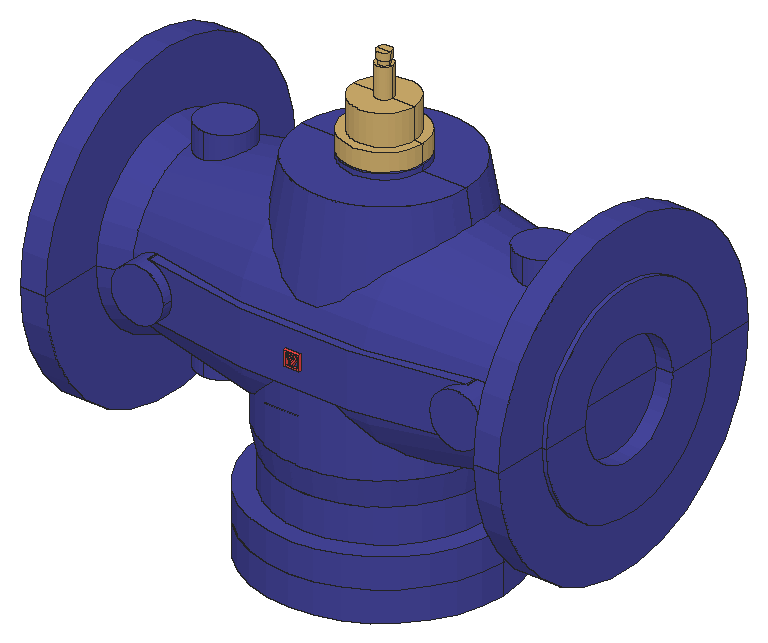
Revit family "Regelventil 4035_PN16", category Rohrzubehör, Revit 2021
Family settings
  Bemaßung runder Anschluss = Durchmesser verwenden
  Teiletyp = Unterbricht
  OmniClass-Nummer = 23.65.55.14
  OmniClass-Titel = Valves for Liquid Services
  Arbeitsebenenbasiert = Nein
  Immer vertikal = Ja
  Beim Laden mit Abzugskörper schneiden = Nein
  Gemeinsam genutzt = Nein
Parameters (values of type "kvs63")
  kvs63 = yes
  kvs6.3 = no
  kvs40 = no
  kvs4 = no
  kvs330 = no
  kvs250 = no
  kvs25 = no
  kvs2.5 = no
  kvs160 = no
  kvs16 = no
  kvs100 = no
  kvs10 = no
  kvs1.6 = no
  kvs1 = no
  Vorgabe-Ansicht = 0 mm
  Ventilsitz = "WN1.4021"  # constant formula
  Ventilkegel = "WN1.4021/Messing"  # constant formula
  Ventilcharakterisitk = "gleichprozentig"  # constant formula
  URL = "www.herz-armaturen.at"
  Spindel = "WN1.4404"  # constant formula
  SCTWSEQ = "FW;SBT_TYP_FW=\"101\";2"
  SCTWCODE = "04;05;02"  # constant formula
  SCRNSEQ = "ARM;ARM_TYP=\"DURR\";2"
  SCRNCODE = "05;06;02"  # constant formula
  R14 = 4 mm  # constant formula
  R13 = 3 mm  # constant formula
  R12 = 5 mm  # constant formula
  R11 [instance] = size_lookup("4035_PN16", "R11", 18 mm, Nennweite)  # 18 mm
  R10 [instance] = size_lookup("4035_PN16", "R10", 23 mm, Nennweite)  # 23 mm
  R09 [instance] = size_lookup("4035_PN16", "R9", 49 mm, Nennweite)  # 49 mm
  R08 [instance] = R00 + 3 mm  # 68 mm
  R07 [instance] = size_lookup("4035_PN16", "R7", 15.5 mm, Nennweite)  # 15.5 mm
  R06 [instance] = size_lookup("4035_PN16", "R6", 15.5 mm, Nennweite)  # 15.5 mm
  R05 [instance] = size_lookup("4035_PN16", "R5", 62.5 mm, Nennweite)  # 62.5 mm
  R04 [instance] = size_lookup("4035_PN16", "R4", 59.5 mm, Nennweite)  # 59.5 mm
  R03 [instance] = size_lookup("4035_PN16", "R3", 43 mm, Nennweite)  # 71 mm
  R02 [instance] = size_lookup("4035_PN16", "R2", 43 mm, Nennweite)  # 43 mm
  R01 [instance] = size_lookup("4035_PN16", "R1", 55.5 mm, Nennweite)  # 55.5 mm
  R00 [instance] = size_lookup("4035_PN16", "R", 65 mm, Nennweite)  # 65 mm
  PN = 16  # constant formula
  Nennweite [instance] = 65 mm
  Min. Betriebstemperatur = 5 °C
  Medium = "Wasserbeschaffenheit gemäß ÖNORM H 5195 und VDI 2035."
  Max. Betriebstemperatur = 150 °C
  Max. Betriebsdruck = 1600000.0 Pa
  LO1 [instance] = size_lookup("4035_PN16", "LO1", 28.5 mm, Nennweite)  # 68 mm
  L07 [instance] = L06 - R06  # 94.5 mm
  L06 [instance] = size_lookup("4035_PN16", "L6", 110 mm, Nennweite)  # 110 mm
  L05 [instance] = D00  # 92.5 mm
  L03 = 10 mm  # constant formula
  L02 [instance] = size_lookup("4035_PN16", "L2", 15 mm, Nennweite)  # 15 mm
  L01 = 3 mm  # constant formula
  L00 [instance] = size_lookup("4035_PN16", "L", 145 mm, Nennweite)  # 145 mm
  Hersteller = "Herz-Armaturen GmbH"  # constant formula
  H18 [instance] = 17.5 mm  # constant formula
  H15 = 4 mm  # constant formula
  H14 [instance] = size_lookup("4035_PN16", "H14", 17 mm, Nennweite)  # 17 mm
  H13 [instance] = size_lookup("4035_PN16", "H13", 18 mm, Nennweite)  # 18 mm
  H12 [instance] = size_lookup("4035_PN16", "H12", 10.5 mm, Nennweite)  # 10.5 mm
  H11 [instance] = size_lookup("4035_PN16", "H11", 52.5 mm, Nennweite)  # 52.5 mm
  H10 [instance] = size_lookup("4035_PN16", "H10", 135.4 mm, Nennweite)  # 135.4 mm
  H09 = 3 mm  # constant formula
  H08 [instance] = size_lookup("4035_PN16", "H8", 79 mm, Nennweite)  # 79 mm
  H07 [instance] = R00  # 65 mm
  H06 [instance] = size_lookup("4035_PN16", "H6", 59 mm, Nennweite)  # 59 mm
  H05 [instance] = size_lookup("4035_PN16", "H5", 20 mm, Nennweite)  # 20 mm
  H04 [instance] = size_lookup("4035_PN16", "H4", 17 mm, Nennweite)  # 17 mm
  H02 [instance] = size_lookup("4035_PN16", "H2", 38 mm, Nennweite)  # 38 mm
  H03 [instance] = size_lookup("4035_PN16", "H3", 112 mm, Nennweite)  # 112 mm
  H01 [instance] = size_lookup("4035_PN16", "H1", 14 mm, Nennweite)  # 18 mm
  Gewicht [instance] = size_lookup("4035_PN16", "Gewicht", 25, Nennweite)  # 25
  Gehäuse = "EN-GJL-250 (EN 1561)"  # constant formula
  Dichtungsmaterial = "70EPDM"  # constant formula
  DN80 [instance] = Nennweite = 80 mm  # no
  DN65 [instance] = Nennweite = 65 mm  # yes
  DN50 [instance] = Nennweite = 50 mm  # no
  DN40 [instance] = Nennweite = 40 mm  # no
  DN32 [instance] = Nennweite = 32 mm  # no
  DN25 [instance] = Nennweite = 25 mm  # no
  DN150 [instance] = Nennweite = 150 mm  # no
  DN15 [instance] = Nennweite = 15 mm  # no
  DN125 [instance] = Nennweite = 125 mm  # no
  DN100 [instance] = Nennweite = 100 mm  # no
  D02 [instance] = Nennweite / 2  # 32.5 mm
  D01 [instance] = size_lookup("4035_PN16", "D1", 61 mm, Nennweite)  # 61 mm
  D00 [instance] = size_lookup("4035_PN16", "D", 92.5 mm, Nennweite)  # 92.5 mm
  Bestellnummer [instance] = if(and(kvs1, Nennweite = 15 mm), 403501, if(and(kvs1.6, Nennweite = 15 mm), 403511, if(and(kvs2.5, Nennweite = 15 mm), 403521, if(and(kvs4, Nennweite = 15 mm), 403531, if(and(kvs6.3, Nennweite = 25 mm), 403503, if(and(kvs10, Nennweite = 25 mm), 403513, if(and(kvs16, Nennweite = 32 mm), 403504, if(and(kvs25, Nennweite = 40 mm), 403505, if(and(kvs40, Nennweite = 50 mm), 403516, if(and(kvs63, Nennweite = 65 mm), 403507, if(and(kvs100, Nennweite = 80 mm), 403508, if(and(kvs160, Nennweite = 100 mm), 403509, if(and(kvs250, Nennweite = 125 mm), 403510, if(and(kvs330, Nennweite = 150 mm), 403541, 0))))))))))))))  # 403507
  Description = ""
  Anwendungsgebiet = "Das Ventil kann in nahezu allen Heizungs-, Lüftungs- und Klimaanlagen sowie für industrielle und technologische\r\nProzesse eingesetzt werden. Das 3-Wege-Flanschventil ist als Mischventil konzipiert. Es kann zum Mischen oder\r\nzur Umschaltung zwischen zwei eintretenden Mediumsströmen verwendet werden. Die Ventilcharakteristik ist\r\ngleichprozentig. Das Regelungsverhältnis (Verhältnis zwischen nominalem und minimalem Durchfluss) beträgt 30:1. Die\r\nAuswahl des Dreiwege-Flanschventils erfolgt entsprechend dem Diagramm über die kvs-Werte."
  Anschlussflansch = "EN 1092-2"  # constant formula
Types (15, lengths in mm): name | kvs63 | kvs6.3 | kvs40 | kvs4 | kvs330 | kvs250 | kvs25 | kvs2.5 | kvs160 | kvs16 | kvs100 | kvs10 | kvs1.6 | kvs1 | R11 | R10 | R09 | R08 | R07 | R06 | R05 | R04 | R03 | R02 | R01 | R00 | Nennweite | LO1 | L07 | L06 | L05 | L02 | L00 | H14 | H13 | H12 | H11 | H10 | H08 | H07 | H06 | H05 | H04 | H02 | H03 | H01 | Gewicht | DN80 | DN65 | DN50 | DN40 | DN32 | DN25 | DN150 | DN15 | DN125 | DN100 | D02 | D01 | D00 | Bestellnummer | Anwendungsgebiet
  (no name) | yes | no | no | no | no | no | no | no | no | no | no | no | no | no | 18 | 23 | 49 | 68 | 15.5 | 15.5 | 62.5 | 59.5 | 71 | 43 | 55.5 | 65 | 65 | 68 | 94.5 | 110 | 92.5 | 15 | 145 | 17 | 18 | 10.5 | 52.5 | 135.4 | 79 | 65 | 59 | 20 | 17 | 38 | 112 | 18 | 25 | no | yes | no | no | no | no | no | no | no | no | 32.5 | 61 | 92.5 | 403507 | "Das Ventil kann in nahezu allen Heizungs-, Lüftungs- und Klimaanlagen sowie für industrielle und technologische\r\nProzesse eingesetzt werden. Das 3-Wege-Flanschventil ist als Mischventil konzipiert. Es kann zum Mischen oder\r\nzur Umschaltung zwischen zwei eintretenden Mediumsströmen verwendet werden. Die Ventilcharakteristik ist\r\ngleichprozentig. Das Regelungsverhältnis (Verhältnis zwischen nominalem und minimalem Durchfluss) beträgt 30:1. Die\r\nAuswahl des Dreiwege-Flanschventils erfolgt entsprechend dem Diagramm über die kvs-Werte."
  kvs1 | no | no | no | no | no | no | no | no | no | no | no | no | no | yes | 10 | 15 | 19.5 | 29.5 | 6 | 6 | 24 | 21 | 32.5 | 14 | 17 | 26.5 | 15 | 27.5 | 34 | 40 | 47.5 | 11 | 65 | 13 | 14 | 6.8 | 40.8 | 80.3 | 36.5 | 26.5 | 24.5 | 5 | 13 | 11 | 49 | 14 | 5 | no | no | no | no | no | no | no | yes | no | no | 7.5 | 22.5 | 47.5 | 403501 | "Das Ventil kann in nahezu allen Heizungs-, Lüftungs- und Klimaanlagen sowie in industriellen und technologischen\r\nProzessen eingesetzt werden. Die Ventilcharakteristik ist gleichprozentig. Das Regelungsverhältnis (Verhältnis\r\nzwischen nominalem und minimalem Durchfluss) beträgt 30:1. Die Auswahl des 2-Wege-Flanschventils erfolgt mittels\r\nentsprechendem Diagramm über die kvs-Werte."
  kvs1.6 | no | no | no | no | no | no | no | no | no | no | no | no | yes | no | 10 | 15 | 19.5 | 29.5 | 6 | 6 | 24 | 21 | 32.5 | 14 | 17 | 26.5 | 15 | 27.5 | 34 | 40 | 47.5 | 11 | 65 | 13 | 14 | 6.8 | 40.8 | 80.3 | 36.5 | 26.5 | 24.5 | 5 | 13 | 11 | 49 | 14 | 5 | no | no | no | no | no | no | no | yes | no | no | 7.5 | 22.5 | 47.5 | 403511 | "Das Ventil kann in nahezu allen Heizungs-, Lüftungs- und Klimaanlagen sowie für industrielle und technologische\r\nProzesse eingesetzt werden. Das 3-Wege-Flanschventil ist als Mischventil konzipiert. Es kann zum Mischen oder\r\nzur Umschaltung zwischen zwei eintretenden Mediumsströmen verwendet werden. Die Ventilcharakteristik ist\r\ngleichprozentig. Das Regelungsverhältnis (Verhältnis zwischen nominalem und minimalem Durchfluss) beträgt 30:1. Die\r\nAuswahl des Dreiwege-Flanschventils erfolgt entsprechend dem Diagramm über die kvs-Werte."
  kvs2.5 | no | no | no | no | no | no | no | yes | no | no | no | no | no | no | 10 | 15 | 19.5 | 29.5 | 6 | 6 | 24 | 21 | 32.5 | 14 | 17 | 26.5 | 15 | 27.5 | 34 | 40 | 47.5 | 11 | 65 | 13 | 14 | 6.8 | 40.8 | 80.3 | 36.5 | 26.5 | 24.5 | 5 | 13 | 11 | 49 | 14 | 5 | no | no | no | no | no | no | no | yes | no | no | 7.5 | 22.5 | 47.5 | 403521 | "Das Ventil kann in nahezu allen Heizungs-, Lüftungs- und Klimaanlagen sowie für industrielle und technologische\r\nProzesse eingesetzt werden. Das 3-Wege-Flanschventil ist als Mischventil konzipiert. Es kann zum Mischen oder\r\nzur Umschaltung zwischen zwei eintretenden Mediumsströmen verwendet werden. Die Ventilcharakteristik ist\r\ngleichprozentig. Das Regelungsverhältnis (Verhältnis zwischen nominalem und minimalem Durchfluss) beträgt 30:1. Die\r\nAuswahl des Dreiwege-Flanschventils erfolgt entsprechend dem Diagramm über die kvs-Werte."
  kvs4 | no | no | no | yes | no | no | no | no | no | no | no | no | no | no | 10 | 15 | 19.5 | 29.5 | 6 | 6 | 24 | 21 | 32.5 | 14 | 17 | 26.5 | 15 | 27.5 | 34 | 40 | 47.5 | 11 | 65 | 13 | 14 | 6.8 | 40.8 | 80.3 | 36.5 | 26.5 | 24.5 | 5 | 13 | 11 | 49 | 14 | 5 | no | no | no | no | no | no | no | yes | no | no | 7.5 | 22.5 | 47.5 | 403531 | "Das Ventil kann in nahezu allen Heizungs-, Lüftungs- und Klimaanlagen sowie für industrielle und technologische\r\nProzesse eingesetzt werden. Das 3-Wege-Flanschventil ist als Mischventil konzipiert. Es kann zum Mischen oder\r\nzur Umschaltung zwischen zwei eintretenden Mediumsströmen verwendet werden. Die Ventilcharakteristik ist\r\ngleichprozentig. Das Regelungsverhältnis (Verhältnis zwischen nominalem und minimalem Durchfluss) beträgt 30:1. Die\r\nAuswahl des Dreiwege-Flanschventils erfolgt entsprechend dem Diagramm über die kvs-Werte."
  kvs6.3 | no | yes | no | no | no | no | no | no | no | no | no | no | no | no | 10 | 15 | 19.5 | 41 | 7 | 7 | 35.5 | 32.5 | 44 | 19.5 | 28.5 | 38 | 25 | 40 | 45 | 52 | 57.5 | 13 | 80 | 13 | 14 | 6.8 | 40.8 | 88.3 | 44.5 | 38 | 35 | 5 | 15 | 3 | 64 | 16 | 8 | no | no | no | no | no | yes | no | no | no | no | 12.5 | 34 | 57.5 | 403503 | "Das Ventil kann in nahezu allen Heizungs-, Lüftungs- und Klimaanlagen sowie für industrielle und technologische\r\nProzesse eingesetzt werden. Das 3-Wege-Flanschventil ist als Mischventil konzipiert. Es kann zum Mischen oder\r\nzur Umschaltung zwischen zwei eintretenden Mediumsströmen verwendet werden. Die Ventilcharakteristik ist\r\ngleichprozentig. Das Regelungsverhältnis (Verhältnis zwischen nominalem und minimalem Durchfluss) beträgt 30:1. Die\r\nAuswahl des Dreiwege-Flanschventils erfolgt entsprechend dem Diagramm über die kvs-Werte."
  kvs10 | no | no | no | no | no | no | no | no | no | no | no | yes | no | no | 10 | 15 | 19.5 | 41 | 7 | 7 | 35.5 | 32.5 | 44 | 19.5 | 28.5 | 38 | 25 | 40 | 45 | 52 | 57.5 | 13 | 80 | 13 | 14 | 6.8 | 40.8 | 88.3 | 44.5 | 38 | 35 | 5 | 15 | 3 | 64 | 16 | 8 | no | no | no | no | no | yes | no | no | no | no | 12.5 | 34 | 57.5 | 403513 | "Das Ventil kann in nahezu allen Heizungs-, Lüftungs- und Klimaanlagen sowie für industrielle und technologische\r\nProzesse eingesetzt werden. Das 3-Wege-Flanschventil ist als Mischventil konzipiert. Es kann zum Mischen oder\r\nzur Umschaltung zwischen zwei eintretenden Mediumsströmen verwendet werden. Die Ventilcharakteristik ist\r\ngleichprozentig. Das Regelungsverhältnis (Verhältnis zwischen nominalem und minimalem Durchfluss) beträgt 30:1. Die\r\nAuswahl des Dreiwege-Flanschventils erfolgt entsprechend dem Diagramm über die kvs-Werte."
  kvs16 | no | no | no | no | no | no | no | no | no | yes | no | no | no | no | 10 | 15 | 20.5 | 46 | 9 | 9 | 40.5 | 37.5 | 49 | 24.5 | 33.5 | 43 | 32 | 45 | 51 | 60 | 70 | 13 | 90 | 17 | 18 | 10.5 | 52.5 | 102 | 46.5 | 43 | 39 | 15 | 15 | 4 | 84 | 16 | 11.5 | no | no | no | no | yes | no | no | no | no | no | 16 | 39 | 70 | 403504 | "Das Ventil kann in nahezu allen Heizungs-, Lüftungs- und Klimaanlagen sowie für industrielle und technologische\r\nProzesse eingesetzt werden. Das 3-Wege-Flanschventil ist als Mischventil konzipiert. Es kann zum Mischen oder\r\nzur Umschaltung zwischen zwei eintretenden Mediumsströmen verwendet werden. Die Ventilcharakteristik ist\r\ngleichprozentig. Das Regelungsverhältnis (Verhältnis zwischen nominalem und minimalem Durchfluss) beträgt 30:1. Die\r\nAuswahl des Dreiwege-Flanschventils erfolgt entsprechend dem Diagramm über die kvs-Werte."
  kvs25 | no | no | no | no | no | no | yes | no | no | no | no | no | no | no | 10 | 15 | 20.5 | 51 | 12 | 12 | 45.5 | 42.5 | 54 | 29 | 38.5 | 48 | 40 | 50 | 56 | 68 | 75 | 13 | 100 | 17 | 18 | 10.5 | 52.5 | 112 | 56.5 | 48 | 43 | 20 | 15 | 1 | 94 | 16 | 13 | no | no | no | yes | no | no | no | no | no | no | 20 | 44 | 75 | 403505 | "Das Ventil kann in nahezu allen Heizungs-, Lüftungs- und Klimaanlagen sowie für industrielle und technologische\r\nProzesse eingesetzt werden. Das 3-Wege-Flanschventil ist als Mischventil konzipiert. Es kann zum Mischen oder\r\nzur Umschaltung zwischen zwei eintretenden Mediumsströmen verwendet werden. Die Ventilcharakteristik ist\r\ngleichprozentig. Das Regelungsverhältnis (Verhältnis zwischen nominalem und minimalem Durchfluss) beträgt 30:1. Die\r\nAuswahl des Dreiwege-Flanschventils erfolgt entsprechend dem Diagramm über die kvs-Werte."
  kvs63 | yes | no | no | no | no | no | no | no | no | no | no | no | no | no | 18 | 23 | 49 | 68 | 15.5 | 15.5 | 62.5 | 59.5 | 71 | 43 | 55.5 | 65 | 65 | 68 | 94.5 | 110 | 92.5 | 15 | 145 | 17 | 18 | 10.5 | 52.5 | 135.4 | 79 | 65 | 59 | 20 | 17 | 38 | 112 | 18 | 25 | no | yes | no | no | no | no | no | no | no | no | 32.5 | 61 | 92.5 | 403507 | "Das Ventil kann in nahezu allen Heizungs-, Lüftungs- und Klimaanlagen sowie für industrielle und technologische\r\nProzesse eingesetzt werden. Das 3-Wege-Flanschventil ist als Mischventil konzipiert. Es kann zum Mischen oder\r\nzur Umschaltung zwischen zwei eintretenden Mediumsströmen verwendet werden. Die Ventilcharakteristik ist\r\ngleichprozentig. Das Regelungsverhältnis (Verhältnis zwischen nominalem und minimalem Durchfluss) beträgt 30:1. Die\r\nAuswahl des Dreiwege-Flanschventils erfolgt entsprechend dem Diagramm über die kvs-Werte."
  kvs100 | no | no | no | no | no | no | no | no | no | no | yes | no | no | no | 18 | 23 | 49 | 76 | 15.5 | 15.5 | 70.5 | 67.5 | 79 | 51 | 63.5 | 73 | 80 | 77 | 99.5 | 115 | 100 | 17 | 155 | 17 | 18 | 10.5 | 52.5 | 168.5 | 113 | 73 | 65 | 20 | 19 | 46 | 125 | 20 | 31 | yes | no | no | no | no | no | no | no | no | no | 40 | 69 | 100 | 403508 | "Das Ventil kann in nahezu allen Heizungs-, Lüftungs- und Klimaanlagen sowie für industrielle und technologische\r\nProzesse eingesetzt werden. Das 3-Wege-Flanschventil ist als Mischventil konzipiert. Es kann zum Mischen oder\r\nzur Umschaltung zwischen zwei eintretenden Mediumsströmen verwendet werden. Die Ventilcharakteristik ist\r\ngleichprozentig. Das Regelungsverhältnis (Verhältnis zwischen nominalem und minimalem Durchfluss) beträgt 30:1. Die\r\nAuswahl des Dreiwege-Flanschventils erfolgt entsprechend dem Diagramm über die kvs-Werte."
  kvs160 | no | no | no | no | no | no | no | no | yes | no | no | no | no | no | 30 | 35 | 61 | 86 | 20.5 | 20.5 | 80.5 | 77.5 | 89 | 61 | 73.5 | 83 | 100 | 88 | 112.5 | 133 | 110 | 17 | 175 | 21 | 22 | 14.2 | 64.2 | 189.7 | 122.5 | 83 | 73 | 25 | 19 | 65 | 135 | 20 | 46 | no | no | no | no | no | no | no | no | no | yes | 50 | 79 | 110 | 403509 | "Das Ventil kann in nahezu allen Heizungs-, Lüftungs- und Klimaanlagen sowie für industrielle und technologische\r\nProzesse eingesetzt werden. Das 3-Wege-Flanschventil ist als Mischventil konzipiert. Es kann zum Mischen oder\r\nzur Umschaltung zwischen zwei eintretenden Mediumsströmen verwendet werden. Die Ventilcharakteristik ist\r\ngleichprozentig. Das Regelungsverhältnis (Verhältnis zwischen nominalem und minimalem Durchfluss) beträgt 30:1. Die\r\nAuswahl des Dreiwege-Flanschventils erfolgt entsprechend dem Diagramm über die kvs-Werte."
  kvs250 | no | no | no | no | no | yes | no | no | no | no | no | no | no | no | 30 | 35 | 61 | 101 | 20.5 | 20.5 | 95.5 | 92.5 | 104 | 76 | 88.5 | 98 | 125 | 103 | 134.5 | 155 | 125 | 19 | 200 | 21 | 22 | 14.2 | 64.2 | 231 | 163.5 | 98 | 80 | 30 | 21 | 44 | 158 | 21 | 72 | no | no | no | no | no | no | no | no | yes | no | 62.5 | 94 | 125 | 403510 | "Das Ventil kann in nahezu allen Heizungs-, Lüftungs- und Klimaanlagen sowie für industrielle und technologische\r\nProzesse eingesetzt werden. Das 3-Wege-Flanschventil ist als Mischventil konzipiert. Es kann zum Mischen oder\r\nzur Umschaltung zwischen zwei eintretenden Mediumsströmen verwendet werden. Die Ventilcharakteristik ist\r\ngleichprozentig. Das Regelungsverhältnis (Verhältnis zwischen nominalem und minimalem Durchfluss) beträgt 30:1. Die\r\nAuswahl des Dreiwege-Flanschventils erfolgt entsprechend dem Diagramm über die kvs-Werte."
  kvs330 | no | no | no | no | yes | no | no | no | no | no | no | no | no | no | 30 | 35 | 61 | 113 | 20.5 | 20.5 | 107.5 | 104.5 | 116 | 88 | 100.5 | 110 | 150 | 115 | 174.5 | 195 | 142.5 | 19 | 240 | 21 | 22 | 14.2 | 64.2 | 237.5 | 170 | 110 | 85 | 25 | 21 | 42 | 153 | 21 | 91 | no | no | no | no | no | no | yes | no | no | no | 75 | 106 | 142.5 | 403541 | "Das Ventil kann in nahezu allen Heizungs-, Lüftungs- und Klimaanlagen sowie für industrielle und technologische\r\nProzesse eingesetzt werden. Das 3-Wege-Flanschventil ist als Mischventil konzipiert. Es kann zum Mischen oder\r\nzur Umschaltung zwischen zwei eintretenden Mediumsströmen verwendet werden. Die Ventilcharakteristik ist\r\ngleichprozentig. Das Regelungsverhältnis (Verhältnis zwischen nominalem und minimalem Durchfluss) beträgt 30:1. Die\r\nAuswahl des Dreiwege-Flanschventils erfolgt entsprechend dem Diagramm über die kvs-Werte."
  Kvs40 | no | no | yes | no | no | no | no | no | no | no | no | no | no | no | 18 | 23 | 49 | 56 | 13.5 | 13.5 | 52.5 | 49.5 | 61 | 34 | 45.5 | 53 | 50 | 56 | 66.5 | 80 | 82.5 | 15 | 115 | 17 | 18 | 10.5 | 52.5 | 122 | 66.5 | 53 | 43 | 1 | 15 | 42 | 67 | 18 | 16 | no | no | yes | no | no | no | no | no | no | no | 25 | 51 | 82.5 | 403516 | "Das Ventil kann in nahezu allen Heizungs-, Lüftungs- und Klimaanlagen sowie in industriellen und technologischen\r\nProzessen eingesetzt werden. Die Ventilcharakteristik ist gleichprozentig. Das Regelungsverhältnis (Verhältnis\r\nzwischen nominalem und minimalem Durchfluss) beträgt 30:1. Die Auswahl des 2-Wege-Flanschventils erfolgt mittels\r\nentsprechendem Diagramm über die kvs-Werte."
Reference planes
  plane 1 "Mitte (Vorne/hinten)": y = 0
  plane 2: z = 0
  plane 3 "Mitte (Links/rechts)": x = 0
Forms (mm)
  Revolve 1, solid, material "kunststoff-BLAU", detail levels fine
    sketch origin (1065, 0, 0) x (1, 0, 0) y (0, 1, 0)
      loop
        line (-1207, 61) -> (-1210, 61) -> (-1210, 32.5) -> (-1200, 32.5) -> (-1200, 0) -> (-930, 0) -> (-930, 32.5) -> (-920, 32.5) -> (-920, 61) -> (-923, 61) -> (-923, 92.5) -> (-938, 92.5) -> (-938, 55.5) -> (-955, 49.943)
        arc (-955, 49.943) -> (-1065, 65) -> (-1175, 49.943) r 409.331
        line (-1175, 49.943) -> (-1192, 55.5) -> (-1192, 92.5) -> (-1207, 92.5) -> (-1207, 61)
      axis (-920, 0) -> (-1210, 0)
    angle from 0 to 360
  Extrusion 2, solid, material "kunststoff-BLAU", detail levels fine
    sketch origin (0, 0, 0) x (-1, 0, 0) y (0, 0, -1)
      loop
        circle (94.5, 0) r 15.5
      loop
        circle (-94.5, 0) r 15.5
    from -65 to 65
  Extrusion 3, solid, material "kunststoff-BLAU", visible <- "DN65", detail levels fine
    sketch origin (0, 0, 0) x (1, 0, 0) y (0, 1, 0)
      loop
        arc (-95, -56.907) -> (0, -68) -> (95, -56.907) r 412.331
        line (95, -56.907) -> (95, 56.907)
        arc (95, 56.907) -> (0, 68) -> (-95, 56.907) r 412.331
        line (-95, 56.907) -> (-95, -56.907)
    from -15.5 to 15.5
  Revolve 4, solid, material "kunststoff-BLAU", detail levels fine
    sketch origin (0, 0, 0) x (1, 0, 0) y (0, 0, 1)
      loop
        line (-49, 79) -> (-62.5, 0) -> (0, 0) -> (0, 82) -> (-23, 82) -> (-23, 79) -> (-49, 79)
      axis (0, 82) -> (0, 0)
    angle from 0 to 360
  Revolve 5, solid, material "kunststoff-BLAU", detail levels fine
    sketch origin (0, 0, 0) x (1, 0, 0) y (0, 0, 1)
      loop
        line (0, 0) -> (-62.5, 0) -> (-62.5, -59) -> (-59.5, -74.5) -> (-59.5, -94.5) -> (-71, -94.5) -> (-71, -112) -> (0, -112) -> (0, 0)
      axis (0, 0) -> (0, -112)
    angle from 0 to 360
  Revolve 6, solid, material "kunststoff-BLAU", detail levels fine
    sketch origin (0, 0, 0) x (1, 0, 0) y (0, 0, 1)
      loop
        line (0, -112) -> (-71, -112) -> (-71, -130) -> (0, -130) -> (0, -112)
      axis (0, -112) -> (0, -130)
    angle from 0 to 360
  Extrusion 7, solid, material "kunststoff-BLAU", detail levels fine
    sketch origin (0, 0, 0) x (0, -1, 0) y (1, 0, 0)
      loop
        circle (0, -94.5) r 15.5
      loop
        circle (0, 94.5) r 15.5
    from -65 to 65
  Extrusion 8, solid, material "kunststoff-BLAU", visible <- "DN150", detail levels fine
    sketch origin (0, 0, 0) x (1, 0, 0) y (0, 1, 0)
      loop
        arc (-179.5, -78.475) -> (0, -115) -> (179.5, -78.475) r 459.331
        line (179.5, -78.475) -> (179.5, 78.475)
        arc (179.5, 78.475) -> (0, 115) -> (-179.5, 78.475) r 459.331
        line (-179.5, 78.475) -> (-179.5, -78.475)
    from -20.5 to 20.5
  Extrusion 9, solid, material "kunststoff-BLAU", visible <- "DN125", detail levels fine
    sketch origin (0, 0, 0) x (1, 0, 0) y (0, 1, 0)
      loop
        arc (-134.5, -82.301) -> (0, -103) -> (134.5, -82.301) r 447.331
        line (134.5, -82.301) -> (134.5, 82.301)
        arc (134.5, 82.301) -> (0, 103) -> (-134.5, 82.301) r 447.331
        line (-134.5, 82.301) -> (-134.5, -82.301)
    from -20.5 to 20.5
  Extrusion 10, solid, material "kunststoff-BLAU", visible <- "DN100", detail levels fine
    sketch origin (0, 0, 0) x (1, 0, 0) y (0, 1, 0)
      loop
        arc (-112.5, -73.106) -> (0, -88) -> (112.5, -73.106) r 432.331
        line (112.5, -73.106) -> (112.5, 73.106)
        arc (112.5, 73.106) -> (0, 88) -> (-112.5, 73.106) r 432.331
        line (-112.5, 73.106) -> (-112.5, -73.106)
    from -20.5 to 20.5
  Extrusion 11, solid, material "kunststoff-BLAU", visible <- "DN80", detail levels fine
    sketch origin (0, 0, 0) x (1, 0, 0) y (0, 1, 0)
      loop
        line (99.5, -65.083) -> (99.5, 65.083)
        arc (99.5, 65.083) -> (0, 77) -> (-99.5, 65.083) r 421.331
        line (-99.5, 65.083) -> (-99.5, -65.083)
        arc (-99.5, -65.083) -> (0, -77) -> (99.5, -65.083) r 421.331
    from -15.5 to 15.5
  Extrusion 12, solid, material "kunststoff-BLAU", visible <- "DN50", detail levels fine
    sketch origin (0, 0, 0) x (1, 0, 0) y (0, 1, 0)
      loop
        arc (-66.5, -50.44) -> (0, -56.006) -> (66.5, -50.44) r 400.05
        line (66.5, -50.44) -> (66.5, 50.44)
        arc (66.5, 50.44) -> (0, 56.006) -> (-66.5, 50.44) r 400.05
        line (-66.5, 50.44) -> (-66.5, -50.44)
    from -13.5 to 13.5
  Extrusion 13, solid, material "kunststoff-BLAU", visible <- "DN40", detail levels fine
    sketch origin (0, 0, 0) x (1, 0, 0) y (0, 1, 0)
      loop
        arc (-56, -46.003) -> (0, -50) -> (56, -46.003) r 394.331
        line (56, -46.003) -> (56, 46.003)
        arc (56, 46.003) -> (0, 50) -> (-56, 46.003) r 394.331
        line (-56, 46.003) -> (-56, -46.003)
    from -12 to 12
  Extrusion 14, solid, material "kunststoff-BLAU", visible <- "DN32", detail levels fine
    sketch origin (0, 0, 0) x (1, 0, 0) y (0, 1, 0)
      loop
        arc (-51, -41.645) -> (0, -45) -> (51, -41.645) r 389.331
        line (51, -41.645) -> (51, 41.645)
        arc (51, 41.645) -> (0, 45) -> (-51, 41.645) r 389.331
        line (-51, 41.645) -> (-51, -41.645)
    from -9 to 9
  Extrusion 15, solid, material "kunststoff-BLAU", visible <- "DN25", detail levels fine
    sketch origin (0, 0, 0) x (1, 0, 0) y (0, 1, 0)
      loop
        line (45, -37.356) -> (45, 37.356)
        arc (45, 37.356) -> (0, 40) -> (-45, 37.356) r 384.331
        line (-45, 37.356) -> (-45, -37.356)
        arc (-45, -37.356) -> (0, -40) -> (45, -37.356) r 384.331
    from -7 to 7
  Extrusion 16, solid, material "kunststoff-BLAU", visible <- "DN15", detail levels fine
    sketch origin (0, 0, 0) x (1, 0, 0) y (0, 1, 0)
      loop
        line (-34, 25.942) -> (-34, -25.942)
        arc (-34, -25.942) -> (0, -27.5) -> (34, -25.942) r 371.831
        line (34, -25.942) -> (34, 25.942)
        arc (34, 25.942) -> (0, 27.5) -> (-34, 25.942) r 371.831
    from -6 to 6
  Revolve 17, solid, material "Messing-poliert", detail levels fine
    sketch origin (0, 0, 0) x (1, 0, 0) y (0, 0, 1)
      loop
        line (-23, 93.4) -> (-23, 82.9) -> (0, 82.9) -> (0, 135.4) -> (-4, 135.4) -> (-4, 131.4) -> (-3, 131.4) -> (-3, 128.4) -> (-5, 128.4) -> (-5, 111.4) -> (-18, 111.4) -> (-18, 93.4) -> (-23, 93.4)
      axis (0, 135.4) -> (0, 82.9)
    angle from 0 to 360
Lines and regions (mm)
  model lines, detail levels coarse+medium
    curve 1: line (145, 0, 92.5) -> (145, 0, -92.5)
    curve 2: line (145, 0, -92.5) -> (-145, 0, 92.5)
    curve 3: line (-145, 0, 92.5) -> (-145, 0, -92.5)
    curve 4: line (-145, 0, -92.5) -> (145, 0, 92.5)
    curve 5: line (145, 92.5, 0) -> (145, -92.5, 0)
    curve 6: line (145, -92.5, 0) -> (-145, 92.5, 0)
    curve 7: line (-145, 92.5, 0) -> (-145, -92.5, 0)
    curve 8: line (-145, -92.5, 0) -> (145, 92.5, 0)
Dimensions and locks
  "L00": Revolve 1 sketch curve to plane 3 "Mitte (Links/rechts)" to Revolve 1 sketch curve
  "D00": plane 1 "Mitte (Vorne/hinten)" to Revolve 1 sketch curve  (x2)
  "D02": plane 1 "Mitte (Vorne/hinten)" to Revolve 1 sketch curve  (x2)
  "L01": Revolve 1 sketch curve to Revolve 1 sketch curve  (x2)
  "L02": Revolve 1 sketch curve to Revolve 1 sketch curve  (x2)
  "D01": plane 1 "Mitte (Vorne/hinten)" to Revolve 1 sketch curve  (x2)
  "R01": plane 1 "Mitte (Vorne/hinten)" to Revolve 1 sketch curve  (x2)
  "R00": Revolve 1 sketch curve to Revolve 1 sketch curve
  "L03": Revolve 1 sketch curve to Revolve 1 sketch curve  (x2)
  "H01": Revolve 6 sketch curve to Revolve 6 sketch curve
  "R03": plane 3 "Mitte (Links/rechts)" to Revolve 6 sketch curve
  "R03": Revolve 5 sketch curve to Revolve 5 sketch curve
  "H03": plane 2 to Revolve 5 sketch curve
  "H06": Revolve 5 sketch curve to Revolve 5 sketch curve
  "R04": Revolve 5 sketch curve to Revolve 5 sketch curve
  "R05": Revolve 5 sketch curve to Revolve 5 sketch curve
  "H05": Revolve 5 sketch curve to Revolve 5 sketch curve
  "L06": Revolve 1 sketch curve to plane 3 "Mitte (Links/rechts)" to Revolve 1 sketch curve
  "H03": plane 2 to Revolve 6 sketch curve
  "R09": Revolve 4 sketch curve to Revolve 4 sketch curve
  "R05": Revolve 4 sketch curve to Revolve 4 sketch curve
  "H07": Extrusion 7 to plane 2 to Extrusion 7  (x2)
  "L07": plane 3 "Mitte (Links/rechts)" to Extrusion 7 sketch curve
  "L07": Extrusion 7 sketch curve to plane 3 "Mitte (Links/rechts)"
  "H07": Extrusion 2 to plane 1 "Mitte (Vorne/hinten)"  (x3)
  "L07": plane 3 "Mitte (Links/rechts)" to Extrusion 2 sketch curve
  "L07": Extrusion 2 sketch curve to plane 3 "Mitte (Links/rechts)"
  "H07": plane 1 "Mitte (Vorne/hinten)" to Extrusion 2
  "H08": Revolve 4 sketch curve to plane 2
  "H09": Revolve 4 sketch curve to Revolve 4 sketch curve
  "R10": plane 3 "Mitte (Links/rechts)" to Revolve 4 sketch curve
  "H11": Revolve 17 sketch curve to Revolve 17 sketch curve
  "H10": Revolve 17 sketch curve to plane 2
  "R10": plane 3 "Mitte (Links/rechts)" to Revolve 17 sketch curve
  "H12": Revolve 17 sketch curve to Revolve 17 sketch curve
  "H13": Revolve 17 sketch curve to Revolve 17 sketch curve
  "H14": Revolve 17 sketch curve to Revolve 17 sketch curve
  "H15": Revolve 17 sketch curve to Revolve 17 sketch curve
  "R14": plane 3 "Mitte (Links/rechts)" to Revolve 17 sketch curve
  "R13": plane 3 "Mitte (Links/rechts)" to Revolve 17 sketch curve
  "R11": plane 3 "Mitte (Links/rechts)" to Revolve 17 sketch curve
  "R12": plane 3 "Mitte (Links/rechts)" to Revolve 17 sketch curve
  "LO1": nested 1 to plane 1 "Mitte (Vorne/hinten)"
  "H18": Revolve 5 sketch curve to Revolve 6
  "D00": curve 3 to plane 2 to curve 4
  "D00": curve 4 to plane 2 to curve 2
  "L00": curve 3 to plane 3 "Mitte (Links/rechts)" to curve 1
  "D00": curve 8 to plane 1 "Mitte (Vorne/hinten)" to curve 7
  "D00": curve 5 to plane 1 "Mitte (Vorne/hinten)" to curve 8
  "L00": curve 7 to plane 3 "Mitte (Links/rechts)" to curve 5
  "R06": radius of Extrusion 7 sketch curve  (x2)
  "R07": radius of Extrusion 2 sketch curve  (x2)
  aligned and locked: level to plane 2
Automatic sketch dimensions
  Extrusion 3 sketch curve to plane 1 "Mitte (Vorne/hinten)" = 56.907 mm  (x2)
  Extrusion 3 sketch curve to plane 3 "Mitte (Links/rechts)" = 0 mm  (x2)
  Extrusion 3 sketch curve to Extrusion 3 sketch curve = 113.814 mm
  Extrusion 3 sketch curve to Extrusion 3 sketch curve = 287.425 mm
  Extrusion 3 sketch curve to plane 1 "Mitte (Vorne/hinten)" = 344.331 mm
  plane 3 "Mitte (Links/rechts)" to Extrusion 3 sketch curve = 95 mm
  Extrusion 8 sketch curve to plane 3 "Mitte (Links/rechts)" = 0 mm  (x2)
  Extrusion 8 sketch curve to plane 1 "Mitte (Vorne/hinten)" = 78.475 mm  (x2)
  plane 1 "Mitte (Vorne/hinten)" to Extrusion 8 sketch curve = 78.475 mm
  Extrusion 8 sketch curve to plane 3 "Mitte (Links/rechts)" = 179.5 mm
  Extrusion 8 sketch curve to Extrusion 8 sketch curve = 265.857 mm
  Extrusion 8 sketch curve to plane 1 "Mitte (Vorne/hinten)" = 344.331 mm
  plane 3 "Mitte (Links/rechts)" to Extrusion 9 sketch curve = 134.5 mm
  plane 1 "Mitte (Vorne/hinten)" to Extrusion 9 sketch curve = 82.301 mm  (x2)
  Extrusion 9 sketch curve to plane 3 "Mitte (Links/rechts)" = 0 mm  (x2)
  Extrusion 9 sketch curve to Extrusion 9 sketch curve = 262.031 mm  (x2)
  Extrusion 9 sketch curve to plane 1 "Mitte (Vorne/hinten)" = 82.301 mm
  Extrusion 10 sketch curve to plane 3 "Mitte (Links/rechts)" = 0 mm  (x2)
  plane 1 "Mitte (Vorne/hinten)" to Extrusion 10 sketch curve = 73.106 mm
  Extrusion 10 sketch curve to plane 3 "Mitte (Links/rechts)" = 112.5 mm
  Extrusion 10 sketch curve to Extrusion 10 sketch curve = 271.225 mm
  Extrusion 10 sketch curve to plane 1 "Mitte (Vorne/hinten)" = 344.331 mm
  Extrusion 10 sketch curve to plane 1 "Mitte (Vorne/hinten)" = 73.106 mm  (x2)
  Extrusion 11 sketch curve to plane 3 "Mitte (Links/rechts)" = 0 mm  (x2)
  plane 1 "Mitte (Vorne/hinten)" to Extrusion 11 sketch curve = 65.083 mm  (x2)
  Extrusion 11 sketch curve to plane 3 "Mitte (Links/rechts)" = 99.5 mm
  Extrusion 11 sketch curve to Extrusion 11 sketch curve = 279.249 mm
  Extrusion 11 sketch curve to plane 1 "Mitte (Vorne/hinten)" = 344.331 mm
  Extrusion 11 sketch curve to plane 1 "Mitte (Vorne/hinten)" = 65.083 mm
  Extrusion 12 sketch curve to plane 3 "Mitte (Links/rechts)" = 0 mm  (x2)
  Extrusion 12 sketch curve to plane 3 "Mitte (Links/rechts)" = 66.5 mm
  plane 3 "Mitte (Links/rechts)" to Extrusion 12 sketch curve = 66.5 mm
  plane 1 "Mitte (Vorne/hinten)" to Extrusion 12 sketch curve = 344.044 mm
  plane 1 "Mitte (Vorne/hinten)" to Extrusion 12 sketch curve = 50.44 mm
  Extrusion 12 sketch curve to plane 1 "Mitte (Vorne/hinten)" = 50.44 mm
  Extrusion 12 sketch curve to Extrusion 12 sketch curve = 293.604 mm
  Extrusion 13 sketch curve to plane 3 "Mitte (Links/rechts)" = 0 mm  (x2)
  Extrusion 13 sketch curve to plane 3 "Mitte (Links/rechts)" = 56 mm
  plane 3 "Mitte (Links/rechts)" to Extrusion 13 sketch curve = 56 mm
  plane 1 "Mitte (Vorne/hinten)" to Extrusion 13 sketch curve = 344.331 mm
  plane 1 "Mitte (Vorne/hinten)" to Extrusion 13 sketch curve = 46.003 mm
  Extrusion 13 sketch curve to plane 1 "Mitte (Vorne/hinten)" = 46.003 mm
  Extrusion 13 sketch curve to Extrusion 13 sketch curve = 298.328 mm
  Extrusion 14 sketch curve to plane 3 "Mitte (Links/rechts)" = 0 mm  (x2)
  Extrusion 14 sketch curve to plane 3 "Mitte (Links/rechts)" = 51 mm
  plane 3 "Mitte (Links/rechts)" to Extrusion 14 sketch curve = 51 mm
  plane 1 "Mitte (Vorne/hinten)" to Extrusion 14 sketch curve = 344.331 mm
  plane 1 "Mitte (Vorne/hinten)" to Extrusion 14 sketch curve = 41.645 mm
  Extrusion 14 sketch curve to plane 1 "Mitte (Vorne/hinten)" = 41.645 mm
  Extrusion 14 sketch curve to Extrusion 14 sketch curve = 302.686 mm
  Extrusion 15 sketch curve to plane 3 "Mitte (Links/rechts)" = 0 mm  (x2)
  Extrusion 15 sketch curve to plane 3 "Mitte (Links/rechts)" = 45 mm
  plane 3 "Mitte (Links/rechts)" to Extrusion 15 sketch curve = 45 mm
  plane 1 "Mitte (Vorne/hinten)" to Extrusion 15 sketch curve = 344.331 mm
  plane 1 "Mitte (Vorne/hinten)" to Extrusion 15 sketch curve = 37.356 mm
  Extrusion 15 sketch curve to plane 1 "Mitte (Vorne/hinten)" = 37.356 mm
  Extrusion 15 sketch curve to Extrusion 15 sketch curve = 306.975 mm
  Extrusion 16 sketch curve to plane 3 "Mitte (Links/rechts)" = 0 mm  (x2)
  Extrusion 16 sketch curve to plane 3 "Mitte (Links/rechts)" = 34 mm
  plane 3 "Mitte (Links/rechts)" to Extrusion 16 sketch curve = 34 mm
  plane 1 "Mitte (Vorne/hinten)" to Extrusion 16 sketch curve = 344.331 mm
  plane 1 "Mitte (Vorne/hinten)" to Extrusion 16 sketch curve = 25.942 mm
  Extrusion 16 sketch curve to plane 1 "Mitte (Vorne/hinten)" = 25.942 mm
  Extrusion 16 sketch curve to Extrusion 16 sketch curve = 318.389 mm
  Revolve 1 sketch curve to plane 1 "Mitte (Vorne/hinten)" = 0 mm
  Revolve 1 sketch curve to plane 3 "Mitte (Links/rechts)" = 0 mm
  plane 1 "Mitte (Vorne/hinten)" to Revolve 1 sketch curve = 0 mm
  plane 1 "Mitte (Vorne/hinten)" to Revolve 1 sketch curve = 344.331 mm
  Revolve 1 sketch curve to Revolve 1 sketch curve = 1855 mm  (x2)
  Extrusion 2 sketch curve to level = 0 mm  (x2)
  Revolve 4 sketch curve to level = 0 mm
  Revolve 4 sketch curve to plane 3 "Mitte (Links/rechts)" = 0 mm  (x2)
  Revolve 4 sketch curve to Revolve 4 sketch curve = 366.045 mm
  Revolve 4 sketch curve to Revolve 4 sketch curve = 2132.315 mm
  Revolve 5 sketch curve to level = 0 mm
  Revolve 5 sketch curve to plane 3 "Mitte (Links/rechts)" = 0 mm  (x2)
  Revolve 5 sketch curve to Revolve 5 sketch curve = 254.045 mm
  level to Revolve 5 sketch curve = 2214.315 mm
  Revolve 6 sketch curve to plane 3 "Mitte (Links/rechts)" = 0 mm  (x2)
  Revolve 6 sketch curve to Revolve 6 sketch curve = 0 mm
  level to Revolve 6 sketch curve = 2214.315 mm
  plane 1 "Mitte (Vorne/hinten)" to Extrusion 7 sketch curve = 0 mm  (x2)
  Revolve 17 sketch curve to plane 3 "Mitte (Links/rechts)" = 0 mm  (x2)
  Revolve 17 sketch curve to level = 366.045 mm
  Revolve 17 sketch curve to Revolve 17 sketch curve = 2079.815 mm
Nested families
  nested 1: "Herz-Logo-vorne" at (-0.018, -68, 0) x (0, 1, 0) z (0, 0, 1), type "Herz-Logo-vorne", detail levels fine
Connectors
  piping at (-145, 0, 0), diameter 65, driven by "Nennweite"
    settings: on Revolve 1, index 1, connector inside diameter 609.6 mm, connector length 0 mm, flow factor 0, pipe flow 0.0 L/s, pressure drop 0.0 Pa, fitting loss kfactor 0, connector angle 0.00°, fixture units 0, engagement length 0 mm, angle of deflection 0.00°, flow configuration 0, flow direction 1, fitting loss method 0, system type 29, joint type 0, gender type 0, connector reference index -1, connector utility 0, adjustable connector no, is connector primary yes, connector description ""
  piping at (145, 0, 0), diameter 65, driven by "Nennweite"
    settings: on Revolve 1, index 2, connector inside diameter 609.6 mm, connector length 0 mm, flow factor 0, pipe flow 0.0 L/s, pressure drop 0.0 Pa, fitting loss kfactor 0, connector angle 0.00°, fixture units 0, engagement length 0 mm, angle of deflection 0.00°, flow configuration 0, flow direction 2, fitting loss method 0, system type 29, joint type 0, gender type 0, connector reference index -1, connector utility 0, adjustable connector no, is connector primary no, connector description ""
Definition of nested family "Herz-Logo-vorne"
  Parameters (values of type "Herz-Logo-vorne")
    Default Elevation = 0 mm
  Reference planes
    plane 1 "Mitte (Vorne/hinten)": y = 0
    plane 2: z = 0
    plane 3 "Mitte (Links/rechts)": x = 0
  Forms (mm)
    Extrusion 1, solid
      sketch origin (0.732, -0.018, 0.017) x (0, -1, 0) y (0, 0, 1)
        loop
          line (-0.018, -4.517) -> (4.482, -4.517) -> (4.482, 4.483) -> (-4.518, 4.483) -> (-4.518, -4.517) -> (-0.018, -4.517)
        loop
          line (-0.05, -3.48) -> (3.482, -3.48) -> (3.482, 3.483) -> (-3.518, 3.483) -> (-3.518, -3.48) -> (-0.05, -3.48)
        loop
          arc (-0.018, 2.383) -> (-1.543, 3.287) -> (-3.067, 2.383) r 1.738
          arc (-3.067, 2.383) -> (-3.191, 1.899) -> (-3.067, 1.415) r 1.009
          line (-3.067, 1.415) -> (-0.018, -3.281) -> (3.032, 1.415)
          arc (3.032, 1.415) -> (3.156, 1.899) -> (3.032, 2.383) r 1.009
          arc (3.032, 2.383) -> (1.507, 3.287) -> (-0.018, 2.383) r 1.738
        loop
          arc (1.885, 1.272) -> (2.005, 1.675) -> (1.885, 2.079) r 0.74
          arc (1.885, 2.079) -> (1.265, 2.416) -> (0.644, 2.079) r 0.74
          line (0.644, 2.079) -> (-0.018, 0.97) -> (-0.679, 2.079)
          arc (-0.679, 2.079) -> (-1.3, 2.416) -> (-1.921, 2.079) r 0.74
          arc (-1.921, 2.079) -> (-2.04, 1.675) -> (-1.921, 1.272) r 0.74
          line (-1.921, 1.272) -> (-0.018, -1.658) -> (1.885, 1.272)
      from 0 to 1.5
  Dimensions and locks
    aligned and locked: level to plane 2
